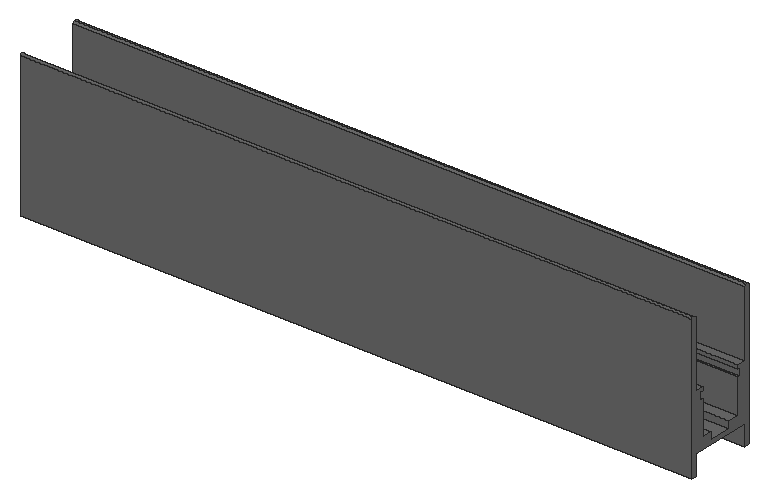
Revit family "ARKOSLIGHT_Track 48V Surface", category Lighting Fixtures, host Face, Revit 2019
Family settings
  Host = Face
  Round Connector Dimension = Use Diameter
  Part Type = Normal
  Cut with Voids When Loaded = No
  Light Source = No
  Shared = No
  Room Calculation Point = No
Parameters (values of type "A3381X00NT - TRACK 48V SURFACE XM NT")
  URL = "https://www.arkoslight.com/en/product/atrack48v-es/"
  Model = ARKOSLIGHT_Model  # "ACCESSORIES"
  Manufacturer = "ARKOSLIGHT"  # constant formula
  Length [instance] = 250 mm
  Description = "Select the number and length of profiles suitable for the defined length"
  ARKOSLIGHT_Series = "TRACK 48V ACCESSORIES"  # constant formula
  ARKOSLIGHT_Reference = "A3381X00NT"
  ARKOSLIGHT_Model = "ACCESSORIES"  # constant formula
  ARKOSLIGHT_Dimming = "Yes"  # constant formula
  ARKOSLIGHT_Color = "Textured black"
  ARKOSLIGHT_Fixture Type = "ACCESSORIES"  # constant formula
  Default Elevation = 0 mm
  Apparent Load = 0 VA  # constant formula
  ARKOSLIGHT_Body Color = ARKOSLIGHT_Textured black
Types (2, lengths in mm): name | ARKOSLIGHT_Reference | ARKOSLIGHT_Color | ARKOSLIGHT_Body Color
  A3381X00NT - TRACK 48V SURFACE XM NT | "A3381X00NT" | "Textured black" | ARKOSLIGHT_Textured black
  A3381X00WT - TRACK 48V SURFACE XM WT | "A3381X00WT" | "Textured white" | ARKOSLIGHT_Textured white
Reference planes
  plane 1 "Center (Front/Back)": y = 0
  plane 2: z = 0
  plane 3 "Center (Left/Right)": x = 0
  plane 4: x = 125
  plane 5: x = -125
  plane 6: y = 13.101
  plane 7: y = -13.101
  plane 8: y = 37
  plane 9: y = -37
  plane 10: z = 53.843
  plane 11: z = 28.65
  plane 12: z = 11.75
Forms (mm)
  Extrusion 1, solid, material "ARKOSLIGHT_Textured black" <- "ARKOSLIGHT_Body Color"
    sketch origin (-125, -221.408, 1227.436) x (0, -1, 0) y (0, 0, -1)
      loop
        arc (-234.509, 1174.092) -> (-234.237, 1173.647) -> (-233.718, 1173.685) r 0.5
        line (-233.718, 1173.685) -> (-232.809, 1174.336) -> (-232.809, 1198.786) -> (-229.656, 1198.786) -> (-229.656, 1200.186) -> (-230.656, 1200.186) -> (-230.656, 1202.905) -> (-229.656, 1202.905) -> (-229.656, 1215.686) -> (-225.591, 1215.686) -> (-225.591, 1218.286) -> (-217.224, 1218.286) -> (-217.224, 1215.686) -> (-213.159, 1215.686) -> (-213.159, 1202.905) -> (-212.159, 1202.905) -> (-212.159, 1200.186) -> (-213.159, 1200.186) -> (-213.159, 1198.786) -> (-210.006, 1198.786) -> (-210.006, 1174.336) -> (-209.097, 1173.685)
        arc (-209.097, 1173.685) -> (-208.578, 1173.647) -> (-208.306, 1174.092) r 0.5
        line (-208.306, 1174.092) -> (-208.306, 1227.436) -> (-210.006, 1227.436) -> (-210.006, 1219.786) -> (-232.809, 1219.786) -> (-232.809, 1227.436) -> (-234.509, 1227.436) -> (-234.509, 1174.092)
    from 0 to 250
Dimensions and locks
  "Length": plane 5 to plane 4
  equal spacing: plane 5, plane 3 "Center (Left/Right)", plane 4
  plane 6 to plane 1 "Center (Front/Back)" to plane 7 = 13.101 mm, 13.101 mm
  locked: plane 6 to plane 7 at 26.203
  locked: plane 10 to plane 2 at 53.843
  equal spacing: plane 9, plane 1 "Center (Front/Back)", plane 8
  locked: plane 9 to plane 8 at 74
  locked: plane 10 to plane 11 at 25.193
  locked: plane 11 to plane 12 at 16.9
  aligned and locked: plane 2 to host face
  aligned and locked: level to host face
  aligned and locked: Extrusion 1 to plane 4
  aligned and locked: plane 12 to Extrusion 1 sketch curve
  aligned and locked: Extrusion 1 sketch curve to plane 12
Automatic sketch dimensions
  host sketch curve to host sketch curve = 486.772 mm
  host sketch curve to host sketch curve = 1105.173 mm
  Extrusion 1 sketch curve to level = 0 mm  (x2)
  plane 10 to Extrusion 1 sketch curve = 0.092 mm  (x2)
  Extrusion 1 sketch curve to Extrusion 1 sketch curve = 0.291 mm  (x2)
  plane 6 to Extrusion 1 sketch curve = 1.7 mm  (x2)
  plane 6 to Extrusion 1 sketch curve = 3.853 mm
  Extrusion 1 sketch curve to Extrusion 1 sketch curve = 1 mm  (x2)
  plane 6 to Extrusion 1 sketch curve = 4.853 mm
  Extrusion 1 sketch curve to Extrusion 1 sketch curve = 4.066 mm
  Extrusion 1 sketch curve to plane 1 "Center (Front/Back)" = 4.183 mm
  plane 7 to Extrusion 1 sketch curve = 4.853 mm
  Extrusion 1 sketch curve to Extrusion 1 sketch curve = 0 mm
  plane 7 to Extrusion 1 sketch curve = 1.7 mm  (x2)
  plane 10 to Extrusion 1 sketch curve = 0.499 mm  (x2)
  Extrusion 1 sketch curve to Extrusion 1 sketch curve = 1.5 mm
  Extrusion 1 sketch curve to Extrusion 1 sketch curve = 2.6 mm
  Extrusion 1 sketch curve to Extrusion 1 sketch curve = 12.781 mm  (x2)
  Extrusion 1 sketch curve to Extrusion 1 sketch curve = 2.719 mm  (x2)
  Extrusion 1 sketch curve to Extrusion 1 sketch curve = 1.4 mm  (x2)
  plane 10 to Extrusion 1 sketch curve = 0.743 mm  (x2)
  Extrusion 1 sketch curve to plane 7 = 0 mm
  Extrusion 1 sketch curve to plane 6 = 0 mm
